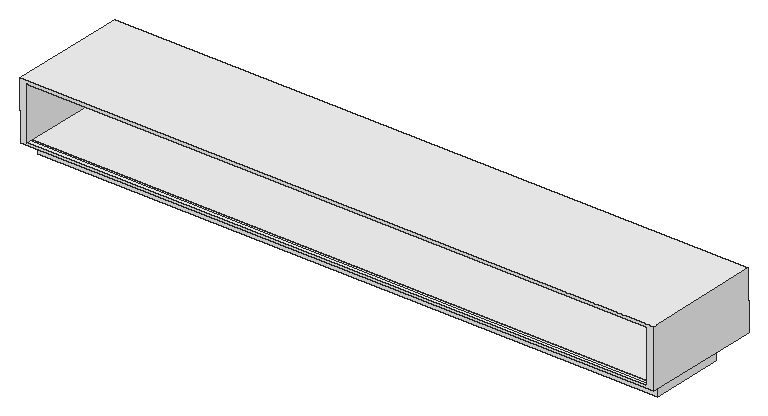
Revit family "2L-W-ID", category Lighting Fixtures, host Face, Revit 2014
Parameters (values of type "2L-W-ID-02")
  Watts = 12.1 W
  Wattage Comments = "Variable Intensity technology provides specifiable lumen output/wattage"  # constant formula
  Wattage = 12.1 W
  Warranty = "5 years Warranty"  # constant formula
  built-in parameter 1150110 = 1 (stored number, unit not read)
  Voltage = 120 V
  URL = "https://www.hubbell.com/litecontrol/en/"
  built-in parameter 1114217 = 1 (stored number, unit not read)
  Tilt Angle = -90.00°
  built-in parameter 1150109 = 1 (stored number, unit not read)
  built-in parameter 1150134 = (empty or 0)
  built-in parameter 1150113 = 1 (stored number, unit not read)
  Reflector Finish = Hubbell - White Glass
  Product Page URL = "https://www.hubbell.com/litecontrol/en/Products/Lighting-Controls/Commercial-Indoor-Lighting/Wall-Mount/MOD-2L-LED-Wall-IndirectDirect/p/2644689"
  Product Documentation Link = "https://hubbellcdn.com/specsheet/2L-W-ID.pdf"
  Power Factor = 0.9
  Photometric Web Notes = "For more Photometrics file please find the below link"
  Photometric Web Link = "https://www.hubbell.com/litecontrol/en/Products/Lighting-Controls/Commercial-Indoor-Lighting/Wall-Mount/MOD-2L-LED-Wall-IndirectDirect/p/2644689#prod-photometry-section"
  Photometric Web File = "2L-W-D-4-DRP-X-CX-35K-D030.ies"
  Mounting Type = "Wall"  # constant formula
  Model = "2L-W-ID"  # constant formula
  Max Length in Row = 2L : 02
  Manufacturer = "LITECONTROL"  # constant formula
  built-in parameter 1150105 = 87.623 (stored number, unit not read)
  Lumens = 1101.1 lm
  built-in parameter 1150115 = 1 (stored number, unit not read)
  Load Classification = Lighting
  built-in parameter 1150137 = (empty or 0)
  built-in parameter 1150139 = (empty or 0)
  built-in parameter 1150112 = 1 (stored number, unit not read)
  built-in parameter 1150114 = 1 (stored number, unit not read)
  Lamp = "LED"  # constant formula
  built-in parameter 1150132 = (empty or 0)
  built-in parameter 1150102 = (empty or 0)
  built-in parameter 1150107 = 3500 (stored number, unit not read)
  built-in parameter 1150138 = (empty or 0)
  built-in parameter 1150106 = 0.87623 (stored number, unit not read)
  Housing Material = Paint - Hubbell - Matte White
  Features = "Variable Intensity technology provides specifiable uplight and downlight light levels\r\nEnd cap design eliminates visible diffuser seams/gaps\r\n2 SDCM color variation\r\nLPA distribution available\r\nSpectraSync™ Color Tuning Technology available\r\nNX Distributed Intelligence™ wired and wireless controls capability available"  # constant formula
  Emit from Rectangle Width = 24"
  Emit from Rectangle Length = 2"  # constant formula
  Emit Shape Visible in Rendering = no
  built-in parameter 1150104 = 8.4542 (stored number, unit not read)
  Fixture distribution = "Indirect/Direct"  # constant formula
  Dimming Protocol = "0-10V, Lutron, DALI"  # constant formula
  Dimming Lamp Color Temperature Shift = <None>
  Description = "The MOD™ 2L LED Wall Indirect/Direct (2L-W-ID) is part of the MODx family, which is an affordably-priced, full-featured offering with best-in-class attention to detail."  # constant formula
  Default Elevation = 48"
  Copyright = "Copyright © Litecontrol"  # constant formula
  Contact = "https://www.hubbell.com/litecontrol/en/contactUs"
  Connector Description = "Lighting Connector"  # constant formula
  Color Filter = 16777215
  built-in parameter 1114218 = 1 (stored number, unit not read)
  built-in parameter 1150133 = 10 (stored number, unit not read)
  Assembly Code = "D5020200"
  Application = "Commercial Indoor, Education, Library, Office, Public Space, Retail"  # constant formula
  Apparent Load = Watts / Power Factor  # 13.4444 VA
Types (7): name | Power Factor | Max Length in Row | Emit from Rectangle Width | Apparent Load
  (no name) | 0.9 | 2L : 02 | 24" | 13.4444 VA
  2L-W-ID-04 | 1 | 2L : 04 | 48" | 12.1 VA
  2L-W-ID-02 | 0.9 | 2L : 02 | 24" | 13.4444 VA
  2L-W-ID-03 | 1 | 2L : 03 | 36" | 12.1 VA
  2L-W-ID-05 | 1 | 2L : 05 | 60" | 12.1 VA
  2L-W-ID-06 | 1 | 2L : 06 | 72" | 12.1 VA
  2L-W-ID-08 | 1 | 2L : 08 | 96" | 12.1 VA
Reference planes (in)
  plane 1 "Center (Front/Back)": y = 0
  plane 2: z = 0
  plane 3 "Center (Left/Right)": x = 0
  plane 4: y = 2.60156
Dimensions and locks (in)
  locked: plane 4 to plane 1 "Center (Front/Back)" at 2.60156
  aligned and locked: plane 2 to host face
  aligned and locked: level to host face
Nested families (in)
  nested 1: "2L" at (0, 2.60156, 1.6) x (-1, 0, 0) z (0, -1, 0), type <- "Max Length in Row", type "02"
Connectors (in)
  electrical at (0, 0.00156, 0), driven by "Load Classification", driven by "Voltage", driven by "Apparent Load", driven by "Power Factor", driven by "Connector Description"
    settings: on nested 1, index 1, voltage 120 V, apparent load 13.4444 VA, apparent load phase1 0 VA, apparent load phase2 0 VA, apparent load phase3 0 VA, power factor 0.9, load classification "Lighting", number of poles 1, system type 30, power factor state 1, is connector primary yes, connector utility no, sub classification motor no, connector description "Lighting Connector"
Definition of nested family "2L"
  Parameters (values of type "02")
    Width = 2.2"  # constant formula
    Wattage Comments = ""
    URL = ""
    Reflector Finish = Hubbell - White Glass
    Housing Material = Paint - Hubbell - Matte White
    Model = ""
    Manufacturer = ""
    Load Classification = Lighting
    Length = 24"
    Lamp = ""
    Height = 4 1/2"  # constant formula
    Description = ""
    Default Elevation = 48"
    Apparent Load = 0 VA  # constant formula
  Types (6): name | Length
    02 | 24"
    03 | 36"
    04 | 48"
    05 | 60"
    08 | 96"
    06 | 72"
  Reference planes (in)
    plane 1 "Center (Front/Back)": y = 0
    plane 2: z = 0
    plane 3 "Center (Left/Right)": x = 0
    plane 4: x = -12
    plane 5: x = 12
    plane 6: x = -11.75
    plane 7: x = 11.75
    plane 8: y = -1.1
    plane 9: y = 1.1
    plane 10: z = 4.25
    plane 11: z = 4.375
    plane 12: z = 4.25
    plane 13: z = 4.5
    plane 14: z = 3.975
    plane 15: z = 1.225
    plane 16: y = -1.6
  Forms (in)
    Extrusion 1, solid
      sketch origin (0, 0, 0) x (1, 0, 0) y (0, 1, 0)
        loop
          line (-48, 48) -> (-48, -48) -> (48, -48) -> (48, 48) -> (-48, 48)
      from 0 to -1.25
    Extrusion 2, solid, material "Paint - Hubbell - Matte White" <- "Housing Material"
      sketch origin (0, 0, 0) x (0, 1, 0) y (0, 0, -1)
        loop
          line (1.1, 0) -> (-1.1, 0) -> (-1.1, -4.5) -> (1.1, -4.5) -> (1.1, 0)
      from -12 to -11.75
    Extrusion 3, solid, material "Paint - Hubbell - Matte White" <- "Housing Material"
      sketch origin (-47.9375, 0, 0) x (0, 1, 0) y (0, 0, -1)
        loop
          line (1.1, 0) -> (-1.1, 0) -> (-1.1, -4.5) -> (1.1, -4.5) -> (1.1, 0)
      from -36.1875 to -35.9375
    Sweep 4, solid, material "Paint - Hubbell - Matte White" <- "Housing Material"
      path origin (0, 0, 0) x (1, 0, 0) y (0, 1, 0)
        loop
          line (-11.75, 0) -> (11.75, 0)
      profile origin (0, 0, 0) x (0, 1, 0) y (0, 0, 1)
        loop
          line (1.01, 4.5) -> (1.01, 0.13598) -> (-1.01, 0.13598) -> (-1.01, 4.5) -> (-1.1, 4.5) -> (-1.1, 0) -> (1.1, 0) -> (1.1, 4.5) -> (1.01, 4.5)
    Extrusion 5, solid, material "Hubbell - White Glass" <- "Reflector Finish"
      sketch origin (0, 0, 0) x (1, 0, 0) y (0, 1, 0)
        loop
          line (-11.75, 1.01) -> (-11.75, -1.00898) -> (11.75, -1.00898) -> (11.75, 1.01) -> (-11.75, 1.01)
      from 4.375 to 4.25
    Extrusion 6, solid, material "Paint - Hubbell - Matte White" <- "Housing Material"
      sketch origin (0, 0, 0) x (1, 0, 0) y (0, 0, 1)
        loop
          line (-11.75, 3.975) -> (-11.75, 1.225) -> (11.75, 1.225) -> (11.75, 3.975) -> (-11.75, 3.975)
      from 1.1 to 1.6
  Cuts and joins
    joined: Extrusion 2, Extrusion 3, Sweep 4
  Dimensions and locks (in)
    equal spacing: plane 4, plane 3 "Center (Left/Right)", plane 5
    "Length": plane 4 to plane 5
    locked: plane 4 to plane 6 at 0.25
    locked: plane 7 to plane 5 at 0.25
    equal spacing: plane 8, plane 1 "Center (Front/Back)", plane 9
    "Width": plane 9 to plane 8
    locked: plane 11 to plane 12 at 0.125
    locked: plane 13 to plane 11 at 0.125
    locked: plane 11 to plane 10 at 0.125
    locked: Sweep 4 sketch curve to Sweep 4 sketch curve at 0.09  (x2)
    "Height": plane 13 to plane 2
    locked: plane 15 to plane 2 at 1.225
    locked: plane 14 to plane 15 at 2.75
    locked: plane 8 to plane 16 at 0.5
    aligned and locked: plane 2 to Extrusion 1
    aligned and locked: level to Extrusion 1
    aligned and locked: plane 5 to Extrusion 2
    aligned and locked: Extrusion 2 to plane 7
    aligned and locked: plane 1 "Center (Front/Back)" to Sweep 4 sketch curve
    aligned and locked: plane 6 to Sweep 4 sketch curve
    aligned and locked: plane 7 to Sweep 4 sketch curve
    aligned and locked: Extrusion 3 sketch curve to plane 8
    aligned and locked: Extrusion 3 sketch curve to plane 9
    aligned and locked: Extrusion 2 sketch curve to plane 9
    aligned and locked: Extrusion 2 sketch curve to plane 8
    aligned and locked: Extrusion 3 to plane 4
    aligned and locked: Extrusion 3 to Sweep 4
    aligned and locked: Sweep 4 to Extrusion 2
    aligned and locked: plane 6 to Extrusion 3
    aligned and locked: Extrusion 5 sketch curve to cut or joined group of Extrusion 2, Extrusion 3, Sweep 4
    aligned and locked: cut or joined group of Extrusion 2, Extrusion 3, Sweep 4 to Extrusion 5 sketch curve  (x2)
    aligned and locked: plane 9 to Sweep 4 sketch curve
    aligned and locked: Sweep 4 sketch curve to plane 8
    aligned and locked: plane 12 to Extrusion 5
    aligned and locked: plane 11 to Extrusion 5
    aligned and locked: plane 13 to cut or joined group of Extrusion 2, Extrusion 3, Sweep 4
    aligned and locked: plane 14 to Extrusion 6 sketch curve
    aligned and locked: plane 6 to Extrusion 6 sketch curve
    aligned and locked: Extrusion 6 sketch curve to plane 15
    aligned and locked: Extrusion 6 sketch curve to plane 7
    aligned and locked: plane 8 to Extrusion 6
    aligned and locked: Extrusion 6 to plane 16
  Automatic sketch dimensions
    Extrusion 1 sketch curve to Extrusion 1 sketch curve = 96"  (x2)
    plane 11 to Extrusion 2 sketch curve = 1/8"
    plane 11 to Extrusion 3 sketch curve = 1/8"
    level to Sweep 4 sketch curve = 0"
    Sweep 4 sketch curve to Sweep 4 sketch curve = 0.13598"
    Sweep 4 sketch curve to Sweep 4 sketch curve = 4.36402"
    Sweep 4 sketch curve to Sweep 4 sketch curve = 0"
    plane 8 to Extrusion 5 sketch curve = 0.09102"
    Extrusion 2 sketch curve to level = 0"
    Extrusion 3 sketch curve to level = 0"
